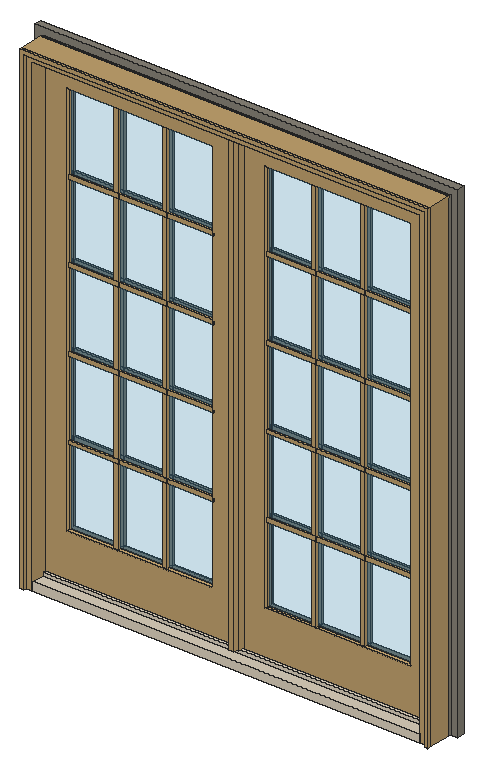
Revit family
Parameters (values of type "CUOFD6070")
  Void Offset = if(and(Casing Visibility, BMC), 0' 1 5/16", if(and(Casing Visibility, Flat Casing), 0' 3", 0' 0"))  # 0' - 1 5/16"
  URL = "www.marvin.com"
  Thickness = 0' - 1 3/4"
  Swing LH_RH = not(Swing Reverse LH_RH)  # yes
  Swing Reverse LH_RH = no
  Sill Material = Fiberglass_Pultrusion-Marvin-Beige
  S_2_R = XX Option 1  # yes
  S_1_R = and(XO_OX Option 2, Swing Reverse LH_RH)  # no
  S_1_L = or(XX Option 1, and(XO_OX Option 2, Swing LH_RH))  # yes
  Rough Width = Width + 0' 1"  # 6' - 1 5/8"
  Rough Height = Height + 0' 0 1/2"  # 7' - 2 1/2"
  Prairie Corner Width = 0' - 4"
  Prairie Corner Height = 0' - 4"
  Plan Swing Angle [instance] = 90.00°
  Panel Width = (Width - 0' 2 1/2") / 2  # 2' - 11 1/16"
  XX Option 1 = Option Choice Constraint = 1  # yes
  XO_OX Option 2 = Option Choice Constraint = 2  # no
  OO Option 3 = Option Choice Constraint = 3  # no
  Note to User = "Enter Option Choice 1-3"  # constant formula
  Option Choice = 1
  Option Choice Constraint = if(Option Choice > 3, 3, if(Option Choice < 1, 1, Option Choice))  # 1
  Nominal Width = 6' - 0"
  Nominal Height = 7' - 0"
  Muntins Interior Visibility = yes
  Muntins Interior Material = Wood-Marvin-Pine
  Muntins Exterior Visibility = yes
  Muntins Exterior Material = Aluminum-Marvin-Bronze
  Model = "CUOFD6070"
  Manufacturer = "Marvin Windows and Doors"
  Lites Wide = 3
  Lites High = 5
  Lite Cut Prairie 9 = no
  Lite Cut HV Grid = not(Lite Cut Prairie 9)  # yes
  Label Visibility = no
  Jamb Extension Visibility = yes
  Interior Material = Wood-Marvin-Pine
  Inset to Installation Flange [instance] = 0' - 1"
  Height = if(Nominal Height = 6' 6", Nominal Height + 0' 1 1/2", if(or(Nominal Height = 6' 8", Nominal Height = 7' 0"), Nominal Height + 0' 2", Nominal Height - 0' 0 1/2"))  # 7' - 2"
  Wall Closure = (empty or 0)
  Width = if(Nominal Height = 6' 6", Nominal Width - 0' 1", Nominal Width + 0' 0 5/8")  # 6' - 0 5/8"
  Glazing Material = Glass-Marvin-IG Low E II with Argon
  Glass Type = "IG Low E II with Argon"
  Function = 1
  Frame = "Aluminum Clad"
  Flat Casing Visibility = and(Casing Visibility, Flat Casing)  # no
  Family created by = "www.rbuiltcomponents.com"
  Door Type = "Clad Ultimate Outswing French Door"
  Design Pressure = "DP40"
  Description = "7284 FR DOOR"
  Daylight Area = DLO Width * DLO Height * 2  # 24.9272 SF
  DLO Width = (Width - 1' 9 7/16") / 2  # 2' - 1 19/32"
  DLO Height = if(Bottom Rail Traditional, Height - 1' 3 7/8", Height - 1' 0 13/32")  # 5' - 10 1/8"
  Cladding Material = Aluminum-Marvin-Bronze
  Casing Width = if(BMC, 0' 1 5/16", 0' 3")  # 0' - 1 5/16"
  Casing Visibility = yes
  Bottom Rail Traditional = not(Bottom Rail Contemporary)  # yes
  Bottom Rail Contemporary = no
  Bottom Rail = if(Bottom Rail Traditional, 0' 9 31/32", 0' 6 1/2")  # 0' - 9 31/32"
  BMC Visibility = and(Casing Visibility, BMC)  # yes
  BMC = yes
  Flat Casing = not(BMC)  # no
  Assembly Code = ""
Reference planes (in)
  plane 1 "Center (Front/Back)": y = 0
  plane 2 "Center (Left/Right)": x = 0
  plane 3 "Left": x = -36.3125
  plane 4 "Right": x = 36.3125
  plane 5 "Top": z = 86
  plane 6 "Exterior": y = 3
  plane 7 "Interior": y = -3
  plane 8 "Inset": y = 2
  plane 9 "Glazing": y = 1.65625
  plane 10: x = -30.375
  plane 11: x = 30.375
  plane 12: z = 80.0625
  plane 13: z = 9.96875
  plane 14 "Jamb Ext Face": y = -2.5625
  plane 15: y = 2.09375
  plane 16: x = -0.0625
  plane 17: x = 0.0625
  plane 18: x = 4.8125
  plane 19: x = -4.8125
  plane 20: x = -17.59375
  plane 21: x = 17.59375
  plane 22 "Void Offset": z = 87.3125
  plane 23 "Casing": z = 87.3125
  plane 24: z = 43
  plane 25: y = -2.59375
Forms (in)
  Sweep 1, solid, material "Aluminum-Marvin-Bronze" <- "Cladding Material"
    path origin (0, 1.65625, 0) x (1, 0, 0) y (0, 0, 1)
      loop
        line (-36.3125, 0) -> (-36.3125, 86) -> (36.3125, 86) -> (36.3125, 0)
    profile "Clad_Frame : Clad_Frame" origin (-36.3125, 1.65625, 43) x (-1, 0, 0) y (0, -1, 0)
      loop
        line (0, -1.43865) -> (0, 0) -> (-1.06374, 0) -> (-1.06374, -0.15859) -> (-0.93767, -0.15859) -> (-0.93767, -0.732) -> (-0.67848, -0.732) -> (-0.67848, -1.43865) -> (0, -1.43865)
  Sweep 2, solid, material "Wood-Marvin-Pine" <- "Interior Material"
    path origin (0, 1.65625, 0) x (1, 0, 0) y (0, 0, 1)
      loop
        line (-36.3125, 0) -> (-36.3125, 86) -> (36.3125, 86) -> (36.3125, 0)
    profile "Int_Frame : Int_Frame" origin (-36.3125, 1.65625, 43) x (-1, 0, 0) y (0, -1, 0)
      loop
        line (0, 0) -> (0, 4.2176) -> (-1.75053, 4.2176) -> (-1.75053, 1.42331) -> (-1.06374, 1.42331) -> (-1.06374, 0) -> (0, 0)
  Sweep 3, solid, material "Fiberglass_Pultrusion-Marvin-Beige" <- "Sill Material"
    path origin (0, 2, 0) x (1, 0, 0) y (0, 0, 1)
      loop
        line (35.63402, 0) -> (-35.63402, 0)
    profile "Sill : Sill" origin (0, 2, 0) x (0, 0, -1) y (0, -1, 0)
      loop
        line (0, 4.56948) -> (-1.57326, 4.56948) -> (-1.32364, 2.19448) -> (-2.005, 2.19448) -> (-2.005, 1.75698) -> (-1.55064, 1.75698) -> (-1.35612, -0.09375) -> (-0.5775, -0.09375) -> (-0.5775, -1.09375) -> (0, -1.09375) -> (0, 4.56948)
  Extrusion 4, solid, material "Wood-Marvin-Pine" <- "Interior Material", visible <- "Jamb Extension Visibility", detail levels medium+fine
    sketch origin (0, -2.5625, 0) x (1, 0, 0) y (0, 0, 1)
      loop
        line (-36.3125, 0) -> (-35.625, 0) -> (-35.625, 85.3125) -> (35.625, 85.3125) -> (35.625, 0) -> (36.3125, 0) -> (36.3125, 86) -> (-36.3125, 86) -> (-36.3125, 0)
    from 0.03125 to 0.4375
  Sweep 5, void
    path in 3D
      loop
        line (-35.63402, -2.56948, 0) -> (-35.63402, -2.56948, 1.57326)
    profile "Sill_Void : Sill_Void" origin (-35.63402, -2.56948, 0.78663) x (0, 1, 0) y (-1, 0, 0)
      loop
        line (0, 0) -> (0, -1.07205) -> (2.79429, -1.07205) -> (2.79429, -0.38526) -> (4.37619, -0.38526) -> (4.37619, -0.25918) -> (4.9496, -0.25918) -> (4.9496, 0) -> (0, 0)
  Sweep 6, void
    path in 3D
      loop
        line (35.63402, -2.56948, 1.57326) -> (35.63402, -2.56948, 0)
    profile "Sill_Void : Sill_Void" origin (35.63402, -2.56948, 0.78663) x (0, 1, 0) y (1, 0, 0)
      loop
        line (0, 0) -> (0, -1.07205) -> (2.79429, -1.07205) -> (2.79429, -0.38526) -> (4.37619, -0.38526) -> (4.37619, -0.25918) -> (4.9496, -0.25918) -> (4.9496, 0) -> (0, 0)
  Extrusion 7, void
    sketch origin (0, 0, 0) x (1, 0, 0) y (0, 1, 0)
      loop
        line (-36.3125, 2) -> (-36.3125, -3) -> (36.3125, -3) -> (36.3125, 2) -> (-36.3125, 2)
    from 86 to 0
  Extrusion 8, void
    sketch origin (0, 0, 0) x (1, 0, 0) y (0, 1, 0)
      loop
        line (-37.625, 3.125) -> (-37.625, 2) -> (37.625, 2) -> (37.625, 3.125) -> (-37.625, 3.125)
    from 87.3125 to 0
  Sweep 9, solid, material "Wood-Marvin-Pine" <- "Interior Material"
    path origin (0, 1.65625, 0) x (1, 0, 0) y (0, 0, 1)
      loop
        line (-0.04688, 2.005) -> (-0.04688, 84.24947)
    profile "Mtg Stile : Mtg Stile" origin (-0.04688, 1.65625, 43.12724) x (-1, 0, 0) y (0, -1, 0)
      loop
        line (0.97168, 1.3124) -> (0.86983, 2.2814) -> (0.68233, 2.2814) -> (0.51486, 2.9064) -> (-0.36451, 2.9064) -> (-0.53198, 2.2814) -> (-0.71948, 2.2814) -> (-0.82132, 1.3124) -> (0.97168, 1.3124)
Cuts and joins
  Sweep 5, Sweep 6 cuts Sweep 3
Lines and regions (in)
  Masking region 1
    outline origin (0, 0, 0) x (0, 1, 0) y (0, 0, 1)
      loop
        line (3.0949, 86) -> (-2.5625, 86) -> (-2.5625, 0) -> (3.0949, 0) -> (3.0949, 86)
  Masking region 2, visible <- "Jamb Extension Visibility"
    outline origin (0, 0, 0) x (1, 0, 0) y (0, 1, 0)
      loop
        line (35.625, -3) -> (36.3125, -3) -> (36.3125, -2.59375) -> (35.625, -2.59375) -> (35.625, -3)
  Masking region 3, visible <- "Jamb Extension Visibility"
    outline origin (0, 0, 0) x (0, 1, 0) y (-1, 0, 0)
      loop
        line (-3, 35.625) -> (-2.59375, 35.625) -> (-2.59375, 36.3125) -> (-3, 36.3125) -> (-3, 35.625)
  Masking region 4, visible <- "Jamb Extension Visibility"
    outline origin (0, 0, 0) x (0, 1, 0) y (0, 0, 1)
      loop
        line (-2.59375, 86) -> (-3, 86) -> (-3, 0) -> (-2.59375, 0) -> (-2.59375, 86)
  symbolic lines, style "DoorsFrameMullionProjection", visible <- "Jamb Extension Visibility", detail levels coarse+medium
    curve 1: line (-36.3125, -3, 0) -> (-35.625, -3, 0)
    curve 2: line (-35.625, -3, 0) -> (-35.625, -2.59375, 0)
    curve 3: line (36.3125, -3, 0) -> (35.625, -3, 0)
    curve 4: line (35.625, -3, 0) -> (35.625, -2.59375, 0)
    curve 7: line (0, -2.59375, 85.3125) -> (0, -3, 85.3125)
    curve 8: line (0, -3, 85.3125) -> (0, -3, 86)
  symbolic lines, style "Jamb Extension", visible <- "Jamb Extension Visibility", detail levels fine
    curve 5: line (0, -2.59375, 85.3125) -> (0, -3, 85.3125)
    curve 6: line (0, -3, 85.3125) -> (0, -3, 86)
  symbolic lines, style "DoorsFrameMullionProjection", detail levels coarse+medium
    curve 9: line (0, 3.0949, 86) -> (0, 3.0949, 84.93626)
    curve 10: line (0, 3.0949, 84.93626) -> (0, -2.5625, 84.93626)
    curve 11: line (0, -2.5625, 84.93626) -> (0, -2.5625, 86)
    curve 20: line (0, 2.09375, 80.0625) -> (0, 2.09375, 9.96875)
    curve 21: line (0, 0.3426, 80.0625) -> (0, 0.3426, 9.96875)
    curve 24: line (0, 3.09375, 0.5775) -> (0, 2.09375, 0.5775)
    curve 25: line (0, 2.09375, 1.375) -> (0, 2.09375, 0.5775)
    curve 26: line (0, 2.09375, 1.375) -> (0, -2.5625, 1.375)
    curve 27: line (0, -2.5625, 0) -> (0, -2.5625, 1.375)
    curve 28: line (0, 3.09375, 0) -> (0, 3.09375, 0.5775)
    curve 29: line (0, 3.09375, 0) -> (0, -2.5625, 0)
    curve 32: line (36.3125, -2.59375, 0) -> (36.3125, -3, 0)
    curve 33: line (-36.3125, -2.59375, 0) -> (-36.3125, -3, 0)
    curve 34: line (0, 3.0949, 86) -> (0, -3, 86)
  symbolic lines, style "DoorsPanelProjection", detail levels coarse+medium
    curve 12: line (0, 2.09375, 80.0625) -> (0, 2.09375, 84.93626)
    curve 13: line (0, 0.3426, 80.0625) -> (0, 2.09375, 80.0625)
    curve 14: line (0, 0.3426, 84.93626) -> (0, 0.3426, 80.0625)
    curve 15: line (0, 2.09375, 9.96875) -> (0, 0.3426, 9.96875)
    curve 16: line (0, 2.09375, 1.625) -> (0, 2.09375, 9.96875)
    curve 17: line (0, 0.3426, 1.625) -> (0, 2.09375, 1.625)
    curve 18: line (0, 0.3426, 9.96875) -> (0, 0.3426, 1.625)
  symbolic lines, style "DoorsGlassProjection", detail levels coarse+medium
    curve 19: line (0, 1.21875, 9.96875) -> (0, 1.21875, 80.0625)
  symbolic lines, style "Elevation Swing", visible <- "S_1_L"
    curve 22: line (0.0625, 1.65625, 1.56506) -> (35.10766, 1.65625, 42.97954)
    curve 23: line (35.10766, 1.65625, 42.97954) -> (0.0625, 1.65625, 84.88707)
  symbolic lines, style "Elevation Swing", visible <- "S_2_R"
    curve 30: line (-0.0625, 1.65625, 1.625) -> (-35.125, 1.65625, 43)
    curve 31: line (-35.125, 1.65625, 43) -> (-0.0625, 1.65625, 84.8125)
  sketch lines
    curve 35: line (-35.63402, -2.56948, 0) -> (-35.63402, -2.56948, 1.57326)
    curve 36: line (35.63402, -2.56948, 1.57326) -> (35.63402, -2.56948, 0)
  symbolic lines, style "Elevation Swing", visible <- "S_1_R"
    curve 37: line (35.125, 1.65625, 1.625) -> (0.0625, 1.65625, 43)
    curve 38: line (0.0625, 1.65625, 43) -> (35.125, 1.65625, 84.8125)
Text (in)
  text "Exterior" at (-74.96733, 27.31104, 0), in view "Ref. Level"
  text "Interior" at (-74.96733, -25.14366, 0), in view "Ref. Level"
  text "Exterior" at (0, 40.15149, 123.01588), in view "Right"
  text "Interior" at (0, -64.39139, 123.01588), in view "Right"
  text "Interior" at (0, -31.01599, 123.00693), in view "Left"
  text "Exterior" at (0, 54.57065, 123.00693), in view "Left"
Dimensions and locks (in)
  equal spacing: plane 3 "Left", plane 2 "Center (Left/Right)", plane 4 "Right"
  "Height": level to plane 5 "Top"
  "Width": plane 3 "Left" to plane 4 "Right"
  locked: plane 11 to plane 4 "Right" at 5.9375
  locked: plane 3 "Left" to plane 10 at 5.9375
  locked: plane 12 to plane 5 "Top" at 5.9375
  "Bottom Rail": level to plane 13
  locked: Extrusion 4 sketch curve to plane 4 "Right" at 0.6875
  locked: plane 3 "Left" to Extrusion 4 sketch curve at 0.6875
  locked: plane 5 "Top" to Extrusion 4 sketch curve at 0.6875
  locked: nested 3 to plane 9 "Glazing" at 0.8125
  "Inset to Installation Flange": host wall to plane 8 "Inset"
  locked: plane 9 "Glazing" to plane 8 "Inset" at 0.34375
  locked: plane 14 "Jamb Ext Face" to plane 8 "Inset" at 4.5625
  locked: plane 8 "Inset" to plane 15 at 0.09375
  locked: nested 5 to host wall at 12
  plane 16 to plane 2 "Center (Left/Right)" to plane 17 = 0' - 0 1/16", 0' - 0 1/16"
  locked: plane 18 to plane 17 at 4.75
  locked: plane 16 to plane 19 at 4.75
  equal spacing: plane 19, plane 20, plane 10
  equal spacing: plane 18, plane 21, plane 11
  locked: curve 26 to level at 1.375
  locked: Extrusion 8 sketch curve to host wall at 0.125
  "Void Offset": Extrusion 8 sketch curve to plane 3 "Left"
  "Void Offset": plane 4 "Right" to Extrusion 8 sketch curve
  "Void Offset": plane 5 "Top" to plane 22 "Void Offset"
  "Casing Width": plane 5 "Top" to plane 23 "Casing"
  equal spacing: level, plane 24, plane 5 "Top"
  locked: plane 25 to plane 14 "Jamb Ext Face" at 0.03125
  locked: Sweep 9 sketch curve to plane 19 at 4.76562
  aligned and locked: plane 6 "Exterior" to host wall
  aligned and locked: plane 7 "Interior" to host wall
  aligned and locked: plane 3 "Left" to Sweep 1 sketch curve
  aligned and locked: level to Sweep 1 sketch curve  (x2)
  aligned and locked: Sweep 1 sketch curve to plane 5 "Top"
  aligned and locked: Sweep 1 sketch curve to plane 4 "Right"
  aligned and locked: plane 3 "Left" to Sweep 2 sketch curve
  aligned and locked: level to Sweep 2 sketch curve  (x2)
  aligned and locked: Sweep 2 sketch curve to plane 5 "Top"
  aligned and locked: Sweep 2 sketch curve to plane 4 "Right"
  aligned and locked: level to nested 1
  aligned and locked: nested 1 to plane 8 "Inset"
  aligned and locked: Sweep 3 sketch curve to level
  aligned and locked: Extrusion 4 sketch curve to plane 3 "Left"
  aligned and locked: plane 5 "Top" to Extrusion 4 sketch curve
  aligned and locked: plane 4 "Right" to Extrusion 4 sketch curve
  aligned and locked: level to Extrusion 4 sketch curve  (x2)
  aligned and locked: Sweep 1 to Extrusion 4 sketch curve
  aligned and locked: host wall to Extrusion 4
  aligned and locked: plane 9 "Glazing" to nested 2
  aligned and locked: plane 12 to nested 2
  aligned and locked: nested 3 to plane 12
  aligned and locked: curve 1 to Extrusion 4
  aligned and locked: plane 4 "Right" to curve 3
  aligned and locked: curve 4 to Extrusion 4
  aligned and locked: curve 3 to Extrusion 4
  aligned and locked: Extrusion 4 to curve 5
  aligned and locked: Extrusion 4 to curve 6
  aligned and locked: plane 5 "Top" to curve 8
  aligned and locked: Extrusion 4 to curve 7
  aligned and locked: plane 5 "Top" to curve 11
  aligned and locked: plane 14 "Jamb Ext Face" to curve 11
  aligned and locked: curve 9 to Sweep 1
  aligned and locked: curve 10 to Sweep 2
  aligned and locked: curve 13 to plane 12
  aligned and locked: curve 15 to plane 13
  aligned and locked: curve 13 to curve 19
  aligned and locked: curve 15 to curve 19
  aligned and locked: plane 5 "Top" to Masking region 1 sketch curve
  aligned and locked: level to Masking region 1 sketch curve
  aligned and locked: Masking region 1 sketch curve to Sweep 1
  aligned and locked: plane 8 "Inset" to nested 4
  aligned and locked: plane 2 "Center (Left/Right)" to nested 5
  aligned and locked: nested 4 to plane 4 "Right"
  aligned and locked: Sweep 3 sketch curve to Sweep 1
  aligned and locked: Sweep 1 to Sweep 3 sketch curve
  aligned and locked: plane 21 to nested 2
  aligned and locked: nested 3 to plane 21
  aligned and locked: nested 6 to plane 20
  aligned and locked: nested 6 to plane 12
  aligned and locked: plane 20 to nested 7
  aligned and locked: plane 12 to nested 7
  aligned and locked: nested 6 to plane 9 "Glazing"
  aligned and locked: nested 3 to nested 7
  aligned and locked: nested 4 to curve 32
  aligned and locked: curve 25 to cut or joined group of Sweep 3, Sweep 5, Sweep 6
  aligned and locked: curve 24 to cut or joined group of Sweep 3, Sweep 5, Sweep 6
  aligned and locked: plane 14 "Jamb Ext Face" to curve 27
  aligned and locked: Extrusion 7 sketch curve to host wall
  aligned and locked: Extrusion 7 sketch curve to plane 3 "Left"
  aligned and locked: plane 4 "Right" to Extrusion 7 sketch curve
  aligned and locked: plane 8 "Inset" to Extrusion 7 sketch curve
  aligned and locked: Extrusion 8 sketch curve to plane 8 "Inset"
  aligned and locked: Extrusion 8 to plane 22 "Void Offset"
  aligned and locked: Extrusion 8 to level
  aligned and locked: Extrusion 7 to plane 5 "Top"
  aligned and locked: Extrusion 7 to level
  aligned and locked: plane 2 "Center (Left/Right)" to nested 8
  aligned and locked: plane 8 "Inset" to nested 8
  aligned and locked: level to nested 8
  aligned and locked: host wall to Masking region 2 sketch curve
  aligned and locked: Masking region 2 sketch curve to plane 4 "Right"
  aligned and locked: Masking region 2 sketch curve to Extrusion 4
  aligned and locked: Masking region 3 sketch curve to host wall
  aligned and locked: Masking region 3 sketch curve to plane 3 "Left"
  aligned and locked: Masking region 3 sketch curve to Extrusion 4
  aligned and locked: curve 2 to Extrusion 4
  aligned and locked: plane 24 to curve 30
  aligned and locked: plane 24 to curve 37
  aligned and locked: Extrusion 4 to plane 25
  aligned and locked: plane 25 to Masking region 3 sketch curve
  aligned and locked: plane 25 to curve 2
  aligned and locked: plane 25 to curve 33
  aligned and locked: Masking region 2 sketch curve to plane 25
  aligned and locked: plane 25 to curve 4
  aligned and locked: plane 25 to curve 32
  aligned and locked: plane 25 to curve 7
  aligned and locked: plane 25 to curve 5
  aligned and locked: Masking region 1 sketch curve to plane 14 "Jamb Ext Face"
  aligned and locked: plane 5 "Top" to Masking region 4 sketch curve
  aligned and locked: level to Masking region 4 sketch curve
  aligned and locked: plane 25 to Masking region 4 sketch curve
  aligned and locked: Masking region 4 sketch curve to host wall
  aligned and locked: curve 28 to nested 1
  aligned and locked: plane 20 to nested 9
  aligned and locked: nested 9 to plane 12
  aligned and locked: nested 10 to plane 21
  aligned and locked: plane 12 to nested 10
  aligned and locked: plane 9 "Glazing" to nested 9
  aligned and locked: nested 10 to plane 9 "Glazing"
  aligned and locked: Sweep 2 to Sweep 9 sketch curve
  aligned and locked: Sweep 9 sketch curve to cut or joined group of Sweep 3, Sweep 5, Sweep 6
  aligned and locked: curve 14 to nested 1
Automatic sketch dimensions
  curve 37 to plane 17 = 0' - 0"
  curve 31 to plane 3 "Left" = 0' - 1 3/16"
  curve 23 to plane 24 = 0' - 0.02046"
  plane 4 "Right" to curve 23 = 0' - 1.20484"
  plane 4 "Right" to curve 37 = 0' - 1 3/16"
  level to curve 37 = 0' - 1 5/8"
  level to curve 30 = 0' - 1 5/8"
  curve 22 to curve 30 = 0' - 0.05994"
  plane 5 "Top" to curve 38 = 0' - 1 3/16"
  plane 5 "Top" to curve 31 = 0' - 1 3/16"
  curve 31 to curve 23 = 0' - 0.07457"
  curve 29 to level = 0' - 0"
  plane 9 "Glazing" to curve 19 = 0' - 0 7/16"
  curve 1 to plane 3 "Left" = 0' - 0"
  curve 16 to plane 15 = 0' - 0"
  curve 23 to plane 17 = 0' - 0"
  curve 22 to plane 17 = 0' - 0"
  plane 4 "Right" to curve 38 = 0' - 1 3/16"
  curve 25 to curve 17 = 0' - 0 1/4"
  curve 30 to plane 16 = 0' - 0"
  curve 31 to plane 16 = 0' - 0"
Nested families (in)
  nested 1: "Door_Section_Detail" at (0, 2, 0) x (0, -1, 0) z (1, 0, 0), type "Door_Section_Detail", detail levels fine
  nested 2: "Muntins" at (17.59375, 1.65625, -26.0625), visible <- "Muntins Exterior Visibility", Muntin Material <- "Muntins Exterior Material", type "Muntins"
    with Muntin Material Aluminum-Marvin-Bronze, GlazingWidth 2' - 1 19/32", GlazingHeight 5' - 10 1/8", Width 2' - 2 1/32", LitesVertical 5, HorizontalMuntins 4, Height 5' - 10 9/16", Inset Vert 0' - 8.30208", Inset Horiz 1' - 1.7375"
  nested 3: "Muntins" at (17.59375, 0.84375, -26.0625), Muntin Material <- "Muntins Interior Material", visible <- "Muntins Interior Visibility", type "Muntins"
    with Muntin Material Wood-Marvin-Pine, GlazingWidth 2' - 1 19/32", GlazingHeight 5' - 10 1/8", Width 2' - 2 1/32", LitesVertical 5, HorizontalMuntins 4, Height 5' - 10 9/16", Inset Vert 0' - 8.30208", Inset Horiz 1' - 1.7375"
  nested 4: "Door_Plan_Detail" at (54.25, 2, 0), type "Door_Plan_Detail"
  nested 5: "Label Annotation 1-16 w5" at (0, 15, 0), visible <- "Label Visibility", type "Label Annotation 1-16 w5"
  nested 6: "Muntins" at (-17.59375, 1.65625, -26.0625) x (-1, 0, 0) z (0, 0, 1), visible <- "Muntins Exterior Visibility", Muntin Material <- "Muntins Exterior Material", type "Muntins"
    with Muntin Material Aluminum-Marvin-Bronze, GlazingWidth 2' - 1 19/32", GlazingHeight 5' - 10 1/8", Width 2' - 2 1/32", LitesVertical 5, HorizontalMuntins 4, Height 5' - 10 9/16", Inset Vert 0' - 8.30208", Inset Horiz 1' - 1.7375"
  nested 7: "Muntins" at (-17.59375, 0.84375, -26.0625) x (-1, 0, 0) z (0, 0, 1), Muntin Material <- "Muntins Interior Material", visible <- "Muntins Interior Visibility", type "Muntins"
    with Muntin Material Wood-Marvin-Pine, GlazingWidth 2' - 1 19/32", GlazingHeight 5' - 10 1/8", Width 2' - 2 1/32", LitesVertical 5, HorizontalMuntins 4, Height 5' - 10 9/16", Inset Vert 0' - 8.30208", Inset Horiz 1' - 1.7375"
  nested 8: "Casing_Clad" at (0, 2, 0), visible <- "Casing Visibility", type "Casing_Clad"
    with Width 6' - 0 5/8", Height 7' - 2"
  nested 9: "Panel" at (-17.59375, 1.65625, 1.84375), type "Panel"
    with Width 2' - 11 3/32", Height 6' - 10 31/32", DLO Width 2' - 1 19/32", DLO Height 5' - 10 1/8"
  nested 10: "Panel" at (17.59375, 1.65625, 1.84375) x (-1, 0, 0) z (0, 0, 1), type "Panel"
    with Width 2' - 11 3/32", Height 6' - 10 31/32", DLO Width 2' - 1 19/32", DLO Height 5' - 10 1/8"
Definition of nested family "Muntins"
  Parameters (values of type "Muntins")
    PrairieMuntVisible = no
    Prairie Corner Width = 0' - 4"
    Prairie Corner Height = 0' - 4"
    Muntin Extension = 0' - 0 7/16"
    GridMuntVisible = yes
    GlazingWidth = 2' - 0"
    GlazingHeight = 2' - 11 1/8"
    Width = GlazingWidth + Muntin Extension  # 2' - 0 7/16"
    VerticalMuntins = if(LitesHorizontal < 3, 2, LitesHorizontal - 1)  # 2
    VertMuntVisible = and(GridMuntVisible, LitesHorizontal > 2)  # yes
    MuntinWidth = 0' - 0 3/4"
    MuntinDepth [instance] = 0' - 0 3/8"
    Muntin Material [instance] = none
    LitesVertical = 3
    LitesHorizontal = 3
    HorizontalMuntins = if(LitesVertical < 3, 2, LitesVertical - 1)  # 2
    HorizMuntVisible = and(GridMuntVisible, LitesVertical > 2)  # yes
    Height = GlazingHeight + Muntin Extension  # 2' - 11 9/16"
    Inset Vert = if(LitesHorizontal < 3, (Width / 3) - (MuntinWidth / 2), (Width / LitesHorizontal) - (MuntinWidth / 2))  # 0' - 7.77083"
    Inset Horiz = if(LitesVertical < 3, (Height / 3) - (MuntinWidth / 2), (Height / LitesVertical) - (MuntinWidth / 2))  # 0' - 11.47917"
    CenterMuntinVertical = and(GridMuntVisible, LitesHorizontal = 2)  # no
    CenterMuntinHorizontal = and(GridMuntVisible, LitesVertical = 2)  # no
    Assembly Code = ""
  Reference planes (in)
    plane 1 "Center (Front/Back)": y = 0
    plane 2: z = 0
    plane 3 "Center (Left/Right)": x = 0
    plane 4: z = 35.78125
    plane 5: z = 53.5625
    plane 6: z = 71.34375
    plane 7: z = 59.86458
    plane 8: z = 47.26042
    plane 9: z = 71.125
    plane 10: z = 36
    plane 11: x = -12
    plane 12: x = 12
    plane 13: x = -4.44792
    plane 14: x = -12.21875
    plane 15: x = 12.21875
    plane 16: x = 4.44792
    plane 17: z = 67.125
    plane 18: z = 40
    plane 19: x = -8
    plane 20: x = 8
  Forms (in)
    Extrusion 1, solid, material <- "Muntin Material", visible <- "CenterMuntinVertical", detail levels medium+fine
      sketch origin (9, 0, 0) x (1, 0, 0) y (0, 0, 1)
        loop
          line (-9.375, 71.34375) -> (-9.375, 35.78125) -> (-8.625, 35.78125) -> (-8.625, 71.34375) -> (-9.375, 71.34375)
      from 0 to 0.375 <- "MuntinDepth"
    Extrusion 2, solid, material <- "Muntin Material", visible <- "CenterMuntinHorizontal", detail levels medium+fine
      sketch origin (-0.0013, 0, 14.6875) x (1, 0, 0) y (0, 0, 1)
        loop
          line (-12.21745, 39.25) -> (-12.21745, 38.5) -> (12.22005, 38.5) -> (12.22005, 39.25) -> (-12.21745, 39.25)
      from 0 to 0.375 <- "MuntinDepth"
    Extrusion 3, solid, material <- "Muntin Material", visible <- "VertMuntVisible", detail levels medium+fine
      sketch origin (4.92708, 0, -2.90625) x (1, 0, 0) y (0, 0, 1)
        loop
          line (-9.375, 74.25) -> (-9.375, 38.6875) -> (-8.625, 38.6875) -> (-8.625, 74.25) -> (-9.375, 74.25)
      from 0 to 0.375 <- "MuntinDepth"
    Extrusion 4, solid, material <- "Muntin Material", visible <- "HorizMuntVisible", detail levels medium+fine
      sketch origin (-3.09635, 0, 14.17708) x (1, 0, 0) y (0, 0, 1)
        loop
          line (-9.1224, 45.6875) -> (-9.1224, 44.9375) -> (15.3151, 44.9375) -> (15.3151, 45.6875) -> (-9.1224, 45.6875)
      from 0 to 0.375 <- "MuntinDepth"
    Extrusion 5, solid, material <- "Muntin Material", visible <- "HorizMuntVisible", detail levels medium+fine
      sketch origin (-3.09635, 0, 2.32292) x (1, 0, 0) y (0, 0, 1)
        loop
          line (-9.1224, 45.6875) -> (-9.1224, 44.9375) -> (15.3151, 44.9375) -> (15.3151, 45.6875) -> (-9.1224, 45.6875)
      from 0 to 0.375 <- "MuntinDepth"
    Extrusion 6, solid, material <- "Muntin Material", visible <- "VertMuntVisible", detail levels medium+fine
      sketch origin (13.07292, 0, -2.90625) x (1, 0, 0) y (0, 0, 1)
        loop
          line (-9.375, 74.25) -> (-9.375, 38.6875) -> (-8.625, 38.6875) -> (-8.625, 74.25) -> (-9.375, 74.25)
      from 0 to 0.375 <- "MuntinDepth"
    Extrusion 7, solid, material <- "Muntin Material", visible <- "PrairieMuntVisible", detail levels medium+fine
      sketch origin (1, 0, 0) x (1, 0, 0) y (0, 0, 1)
        loop
          line (-9, 71.34375) -> (-9, 35.78125) -> (-8.25, 35.78125) -> (-8.25, 71.34375) -> (-9, 71.34375)
      from 0 to 0.375 <- "MuntinDepth"
    Extrusion 8, solid, material <- "Muntin Material", visible <- "PrairieMuntVisible", detail levels medium+fine
      sketch origin (17, 0, 0) x (1, 0, 0) y (0, 0, 1)
        loop
          line (-9.75, 71.34375) -> (-9.75, 35.78125) -> (-9, 35.78125) -> (-9, 71.34375) -> (-9.75, 71.34375)
      from 0 to 0.375 <- "MuntinDepth"
    Extrusion 9, solid, material <- "Muntin Material", visible <- "PrairieMuntVisible", detail levels medium+fine
      sketch origin (-0.0013, 0, 28.25) x (1, 0, 0) y (0, 0, 1)
        loop
          line (-12.21745, 38.875) -> (-12.21745, 38.125) -> (12.22005, 38.125) -> (12.22005, 38.875) -> (-12.21745, 38.875)
      from 0 to 0.375 <- "MuntinDepth"
    Extrusion 10, solid, material <- "Muntin Material", visible <- "PrairieMuntVisible", detail levels medium+fine
      sketch origin (-0.0013, 0, 1.125) x (1, 0, 0) y (0, 0, 1)
        loop
          line (-12.21745, 39.625) -> (-12.21745, 38.875) -> (12.22005, 38.875) -> (12.22005, 39.625) -> (-12.21745, 39.625)
      from 0 to 0.375 <- "MuntinDepth"
  Cuts and joins
    joined: Extrusion 7, Extrusion 8, Extrusion 9, Extrusion 10
  Lines and regions (in)
    model lines, style "Muntins", visible <- "CenterMuntinHorizontal", detail levels coarse
      curve 1: line (-12.21875, 0, 53.5625) -> (12.21875, 0, 53.5625)
    model lines, style "Muntins", visible <- "HorizMuntVisible", detail levels coarse
      curve 2: line (-12.21875, 0, 59.48958) -> (12.21875, 0, 59.48958)
      curve 3: line (-12.21875, 0, 47.63542) -> (12.21875, 0, 47.63542)
    model lines, style "Muntins", visible <- "CenterMuntinVertical", detail levels coarse
      curve 4: line (0, 0, 71.34375) -> (0, 0, 35.78125)
    model lines, style "Muntins", visible <- "VertMuntVisible", detail levels coarse
      curve 5: line (-4.07292, 0, 71.34375) -> (-4.07292, 0, 35.78125)
      curve 6: line (4.07292, 0, 71.34375) -> (4.07292, 0, 35.78125)
    model lines, style "Muntins", visible <- "PrairieMuntVisible", detail levels coarse
      curve 7: line (-12.21875, 0, 66.75) -> (12.21875, 0, 66.75)
      curve 8: line (-12.21875, 0, 40.375) -> (12.21875, 0, 40.375)
      curve 9: line (-7.625, 0, 35.78125) -> (-7.625, 0, 71.34375)
      curve 10: line (7.625, 0, 35.78125) -> (7.625, 0, 71.34375)
  Dimensions and locks (in)
    "Inset Horiz": plane 6 to plane 7
    "Inset Horiz": plane 8 to plane 4
    equal spacing: plane 6, plane 5, plane 4
    "Height": plane 6 to plane 4
    "GlazingHeight": plane 9 to plane 10
    equal spacing: plane 9, plane 5, plane 10
    "GlazingWidth": plane 12 to plane 11
    equal spacing: plane 12, plane 3 "Center (Left/Right)", plane 11
    "MuntinWidth": Extrusion 1 sketch curve to Extrusion 1 sketch curve
    "Height": Extrusion 1 sketch curve to Extrusion 1 sketch curve
    "MuntinWidth": Extrusion 2 sketch curve to Extrusion 2 sketch curve
    "Width": Extrusion 2 sketch curve to Extrusion 2 sketch curve
    "MuntinWidth": Extrusion 3 sketch curve to Extrusion 3 sketch curve
    "Height": Extrusion 3 sketch curve to Extrusion 3 sketch curve
    "Width": plane 15 to plane 14
    equal spacing: plane 15, plane 3 "Center (Left/Right)", plane 14
    "Inset Vert": plane 13 to plane 14
    "Inset Vert": plane 15 to plane 16
    "MuntinWidth": Extrusion 4 sketch curve to Extrusion 4 sketch curve
    "Width": Extrusion 4 sketch curve to Extrusion 4 sketch curve
    "MuntinWidth": Extrusion 5 sketch curve to Extrusion 5 sketch curve
    "Width": Extrusion 5 sketch curve to Extrusion 5 sketch curve
    group 2 to group 3 = 0' - 0"  (x2)
    group 3 to group 2 = 0' - 11.85417"
    "MuntinWidth": Extrusion 6 sketch curve to Extrusion 6 sketch curve
    "Height": Extrusion 6 sketch curve to Extrusion 6 sketch curve
    group 4 to group 5 = 0' - 8.14583"
    group 4 to group 5 = 0' - 0"  (x2)
    "Prairie Corner Width": plane 19 to plane 11
    "Prairie Corner Width": plane 20 to plane 12
    "Prairie Corner Height": plane 9 to plane 17
    "Prairie Corner Height": plane 18 to plane 10
    "MuntinWidth": Extrusion 7 sketch curve to Extrusion 7 sketch curve
    "Height": Extrusion 7 sketch curve to Extrusion 7 sketch curve
    "MuntinWidth": Extrusion 8 sketch curve to Extrusion 8 sketch curve
    "Height": Extrusion 8 sketch curve to Extrusion 8 sketch curve
    "MuntinWidth": Extrusion 9 sketch curve to Extrusion 9 sketch curve
    "Width": Extrusion 9 sketch curve to Extrusion 9 sketch curve
    "MuntinWidth": Extrusion 10 sketch curve to Extrusion 10 sketch curve
    "Width": Extrusion 10 sketch curve to Extrusion 10 sketch curve
    aligned and locked: plane 6 to Extrusion 1  (x2)
    aligned and locked: Extrusion 1 to plane 4  (x3)
    aligned and locked: Extrusion 3 to plane 13  (x5)
    aligned and locked: Extrusion 3 to plane 4  (x3)
    aligned and locked: Extrusion 2 to plane 14
    aligned and locked: plane 15 to Extrusion 2
    aligned and locked: plane 6 to Extrusion 3
    aligned and locked: plane 7 to Extrusion 4
    aligned and locked: Extrusion 4 to plane 14
    aligned and locked: plane 15 to Extrusion 4
    aligned and locked: curve 1 to plane 5
    aligned and locked: plane 14 to curve 1
    aligned and locked: plane 15 to curve 1
    aligned and locked: Extrusion 5 to plane 14
    aligned and locked: Extrusion 5 to plane 8
    aligned and locked: plane 15 to Extrusion 5
    aligned and locked: Extrusion 5 to curve 3  (x2)
    aligned and locked: Extrusion 4 to curve 2  (x2)
    aligned and locked: curve 4 to plane 3 "Center (Left/Right)"
    aligned and locked: Extrusion 1 to curve 4  (x2)
    aligned and locked: Extrusion 3 to curve 5  (x2)
    aligned and locked: Extrusion 6 to curve 6  (x2)
    aligned and locked: Extrusion 6 to plane 16
    aligned and locked: plane 6 to Extrusion 6
    aligned and locked: plane 6 to curve 6
    aligned and locked: Extrusion 6 to plane 4
    aligned and locked: plane 4 to curve 6
    aligned and locked: cut or joined group of Extrusion 7, Extrusion 8, Extrusion 9, Extrusion 10 to plane 19
    aligned and locked: plane 20 to cut or joined group of Extrusion 7, Extrusion 8, Extrusion 9, Extrusion 10
    aligned and locked: plane 17 to cut or joined group of Extrusion 7, Extrusion 8, Extrusion 9, Extrusion 10
    aligned and locked: cut or joined group of Extrusion 7, Extrusion 8, Extrusion 9, Extrusion 10 to plane 18
    aligned and locked: cut or joined group of Extrusion 7, Extrusion 8, Extrusion 9, Extrusion 10 to curve 7  (x2)
    aligned and locked: cut or joined group of Extrusion 7, Extrusion 8, Extrusion 9, Extrusion 10 to curve 8  (x2)
    aligned and locked: cut or joined group of Extrusion 7, Extrusion 8, Extrusion 9, Extrusion 10 to curve 9  (x2)
    aligned and locked: cut or joined group of Extrusion 7, Extrusion 8, Extrusion 9, Extrusion 10 to curve 10  (x2)
  Automatic sketch dimensions
    Extrusion 1 sketch curve to plane 4 = 0' - 0"
    Extrusion 1 sketch curve to plane 3 "Center (Left/Right)" = 0' - 0 3/8"
    Extrusion 2 sketch curve to plane 14 = 0' - 0"
    Extrusion 2 sketch curve to plane 5 = 0' - 0 3/8"
    Extrusion 7 sketch curve to plane 4 = 0' - 0"
    Extrusion 7 sketch curve to plane 19 = 0' - 0"
    Extrusion 8 sketch curve to plane 4 = 0' - 0"
    Extrusion 8 sketch curve to plane 20 = 0' - 0 3/4"
    Extrusion 9 sketch curve to plane 14 = 0' - 0"
    Extrusion 9 sketch curve to plane 17 = 0' - 0 3/4"
    Extrusion 10 sketch curve to plane 14 = 0' - 0"
    Extrusion 10 sketch curve to plane 18 = 0' - 0"
    plane 19 to curve 9 = 0' - 0 3/8"
    curve 10 to plane 20 = 0' - 0 3/8"
    plane 18 to curve 8 = 0' - 0 3/8"
    curve 7 to plane 17 = 0' - 0 3/8"
Definition of nested family "Casing_Clad"
  Parameters (values of type "Casing_Clad")
    Width = 16' - 0"
    Height = 12' - 0"
    Flat Casing Visibility = no
    Cladding Finish = Aluminum-Marvin-Bronze
    BMC Visibility = yes
    Assembly Code = ""
  Reference planes (in)
    plane 1 "Center (Front/Back)": y = 0
    plane 2: z = 0
    plane 3 "Center (Left/Right)": x = 0
    plane 4: z = 144
    plane 5: x = -96
    plane 6: x = 96
  Forms (in)
    Sweep 1, solid, material "Aluminum-Marvin-Bronze" <- "Cladding Finish", visible <- "BMC Visibility"
      path origin (0, 0, 0) x (1, 0, 0) y (0, 0, 1)
        loop
          line (-96, 0) -> (-96, 144) -> (96, 144) -> (96, 0)
      profile "BMC_Clad : BMC_Clad" origin (96, 0, 72) x (1, 0, 0) y (0, -1, 0)
        loop
          line (0.71589, -1.25) -> (1.3125, -1.25) -> (1.3125, 0) -> (0, 0) -> (0, -1.09375) -> (0.38081, -1.09375) -> (0.71589, -1.25)
    Sweep 2, solid, material "Aluminum-Marvin-Bronze" <- "Cladding Finish", visible <- "Flat Casing Visibility"
      path origin (0, 0, 0) x (1, 0, 0) y (0, 0, 1)
        loop
          line (-96, 0) -> (-96, 144) -> (96, 144) -> (96, 0)
      profile "Flat_Casing_Clad : Flat_Casing_Clad" origin (96, 0, 72) x (1, 0, 0) y (0, -1, 0)
        loop
          line (3, -1.09375) -> (3, 0) -> (0, 0) -> (0, -1.09375) -> (3, -1.09375)
  Lines and regions (in)
    Masking region 1, visible <- "Flat Casing Visibility"
      outline origin (0, 0, 0) x (1, 0, 0) y (0, 1, 0)
        loop
          line (-96, 0) -> (-96, 1.09375) -> (-99, 1.09375) -> (-99, 0) -> (-96, 0)
    Masking region 2, visible <- "Flat Casing Visibility"
      outline origin (0, 0, 0) x (0, 1, 0) y (-1, 0, 0)
        loop
          line (0, -96) -> (0, -99) -> (1.09375, -99) -> (1.09375, -96) -> (0, -96)
    Masking region 3, visible <- "BMC Visibility"
      outline origin (0, 0, 0) x (1, 0, 0) y (0, 1, 0)
        loop
          line (96, 1.09375) -> (96, 0) -> (97.3125, 0) -> (97.3125, 1.25) -> (96.71589, 1.25) -> (96.38081, 1.09375) -> (96, 1.09375)
    Masking region 4, visible <- "BMC Visibility"
      outline origin (0, 0, 0) x (0, 1, 0) y (-1, 0, 0)
        loop
          line (1.09375, 96) -> (1.09375, 96.38081) -> (1.25, 96.71589) -> (1.25, 97.3125) -> (0, 97.3125) -> (0, 96) -> (1.09375, 96)
    Masking region 5, visible <- "Flat Casing Visibility"
      outline origin (0, 0, 0) x (0, 1, 0) y (0, 0, 1)
        loop
          line (1.09375, 147) -> (0, 147) -> (0, 144) -> (1.09375, 144) -> (1.09375, 147)
    Masking region 6, visible <- "BMC Visibility"
      outline origin (0, 0, 0) x (0, 1, 0) y (0, 0, 1)
        loop
          line (1.25, 145.3125) -> (0, 145.3125) -> (0, 144) -> (1.09375, 144) -> (1.09375, 144.38081) -> (1.25, 144.71589) -> (1.25, 145.3125)
    symbolic lines, style "Frame/Mullion", visible <- "Flat Casing Visibility", detail levels coarse+medium
      curve 1: line (0, 1.09375, 144) -> (0, 1.09375, 147)
      curve 2: line (0, 1.09375, 147) -> (0, 0, 147)
      curve 11: line (-99, 1.09375, 0) -> (-99, 0, 0)
      curve 12: line (-96, 1.09375, 0) -> (-99, 1.09375, 0)
      curve 13: line (99, 0, 0) -> (99, 1.09375, 0)
      curve 14: line (99, 1.09375, 0) -> (96, 1.09375, 0)
    symbolic lines, style "Frame/Mullion", visible <- "BMC Visibility", detail levels coarse+medium
      curve 3: line (0, 1.25, 145.3125) -> (0, 0, 145.3125)
      curve 4: line (0, 1.25, 144.71589) -> (0, 1.25, 145.3125)
      curve 5: line (0, 1.09375, 144.38081) -> (0, 1.25, 144.71589)
      curve 6: line (0, 1.09375, 144) -> (0, 1.09375, 144.38081)
      curve 7: line (-96.71589, 1.25, 0) -> (-97.3125, 1.25, 0)
      curve 8: line (-96.38081, 1.09375, 0) -> (-96.71589, 1.25, 0)
      curve 9: line (-96, 1.09375, 0) -> (-96.38081, 1.09375, 0)
      curve 10: line (-97.3125, 1.25, 0) -> (-97.3125, 0, 0)
      curve 15: line (97.3125, 0, 0) -> (97.3125, 1.25, 0)
      curve 16: line (97.3125, 1.25, 0) -> (96.71589, 1.25, 0)
      curve 17: line (96.71589, 1.25, 0) -> (96.38081, 1.09375, 0)
      curve 18: line (96.38081, 1.09375, 0) -> (96, 1.09375, 0)
  Dimensions and locks (in)
    "Width": plane 6 to plane 5
    equal spacing: plane 6, plane 3 "Center (Left/Right)", plane 5
    "Height": plane 4 to plane 2
    aligned and locked: plane 4 to Sweep 1 sketch curve
    aligned and locked: plane 5 to Sweep 1 sketch curve
    aligned and locked: plane 2 to Sweep 1 sketch curve
    aligned and locked: Sweep 1 sketch curve to plane 2
    aligned and locked: plane 4 to Sweep 2 sketch curve
    aligned and locked: plane 5 to Sweep 2 sketch curve
    aligned and locked: plane 2 to Sweep 2 sketch curve
    aligned and locked: Sweep 2 sketch curve to plane 2
    aligned and locked: Masking region 1 sketch curve to Sweep 1
    aligned and locked: Masking region 1 sketch curve to plane 1 "Center (Front/Back)"
    aligned and locked: Sweep 2 to Masking region 1 sketch curve
    aligned and locked: Masking region 1 sketch curve to Sweep 2
    aligned and locked: Masking region 2 sketch curve to Sweep 2  (x3)
    aligned and locked: Sweep 2 to Masking region 2 sketch curve
    aligned and locked: Masking region 3 sketch curve to Sweep 2
    aligned and locked: Masking region 3 sketch curve to Sweep 1  (x4)
    aligned and locked: Sweep 1 to Masking region 3 sketch curve
    aligned and locked: Masking region 4 sketch curve to Sweep 2
    aligned and locked: Masking region 4 sketch curve to Sweep 1  (x5)
    aligned and locked: Masking region 5 sketch curve to Sweep 2  (x2)
    aligned and locked: Sweep 1 to Masking region 5 sketch curve
    aligned and locked: Masking region 5 sketch curve to Sweep 1
    aligned and locked: Masking region 6 sketch curve to Sweep 1  (x6)
    aligned and locked: curve 1 to Masking region 5
    aligned and locked: curve 2 to Sweep 2
    aligned and locked: curve 3 to Sweep 1
    aligned and locked: curve 4 to Masking region 6
    aligned and locked: curve 5 to Sweep 1
    aligned and locked: curve 6 to Masking region 6
    aligned and locked: Masking region 2 to curve 14
    aligned and locked: Masking region 3 to curve 16
    aligned and locked: Masking region 3 to curve 18
    aligned and locked: Sweep 2 sketch curve to plane 6
    aligned and locked: Sweep 1 sketch curve to plane 6
    aligned and locked: curve 11 to Sweep 2
    aligned and locked: curve 10 to Sweep 1
    aligned and locked: Sweep 1 to curve 7
    aligned and locked: curve 8 to Sweep 1
    aligned and locked: Sweep 1 to curve 9
    aligned and locked: curve 13 to Sweep 2
    aligned and locked: curve 15 to Sweep 1
    aligned and locked: curve 17 to Sweep 1
  Automatic sketch dimensions
    curve 1 to plane 4 = 0' - 0"
    curve 2 to plane 1 "Center (Front/Back)" = 0' - 0"
    curve 3 to plane 1 "Center (Front/Back)" = 0' - 0"
    curve 6 to plane 4 = 0' - 0"
    curve 10 to plane 1 "Center (Front/Back)" = 0' - 0"
    curve 11 to plane 1 "Center (Front/Back)" = 0' - 0"
    curve 13 to plane 1 "Center (Front/Back)" = 0' - 0"
    curve 15 to plane 1 "Center (Front/Back)" = 0' - 0"
    plane 5 to curve 12 = 0' - 0"
    curve 18 to plane 6 = 0' - 0"
Definition of nested family "Panel"
  Parameters (values of type "Panel")
    Width = DLO Width + 0' 9 1/2"  # 3' - 11 1/2"
    Thickness = 0' - 0"
    Offset = if(Bottom Rail Traditional, 0' 8 3/32", 0' 3 3/4")  # 0' - 8 3/32"
    Interior Finish = Wood-Marvin-Pine
    Height = if(Bottom Rail Traditional, DLO Height + 1' 0 27/32", DLO Height + 0' 9 1/2")  # 6' - 10 27/32"
    Glazing Material = Glass-Marvin-IG Low E II with Argon
    Function = 1
    DLO Width = 3' - 2"
    DLO Height = 5' - 10"
    Cladding Finish = Aluminum-Marvin-Bronze
    Bottom Rail Traditional = not(Bottom Rail Contemporary)  # yes
    Bottom Rail Contemporary = no
    Bottom Rail = if(Bottom Rail Traditional, 0' 8 3/32", 0' 4 3/4")  # 0' - 8 3/32"
  Reference planes (in)
    plane 1 "Center (Front/Back)": y = 0
    plane 2: z = 0
    plane 3 "Center (Left/Right)": x = 0
    plane 4: x = -23.75
    plane 5: x = 23.75
    plane 6: z = 82.84375
    plane 7: z = 78.09375
    plane 8: x = -19
    plane 9: x = 19
    plane 10: z = 8.09375
    plane 11 "Glazing": y = -0.8125
  Forms (in)
    Sweep 1, solid, material "Aluminum-Marvin-Bronze" <- "Cladding Finish"
      path origin (0, 0, 0) x (1, 0, 0) y (0, 0, 1)
        loop
          line (-19, 78.09375) -> (-19, 8.09375) -> (19, 8.09375) -> (19, 78.09375) -> (-19, 78.09375)
      profile "Clad_Panel : Clad_Panel" origin (0, 0, 78.09375) x (0, 0, 1) y (0, -1, 0)
        loop
          line (4.75, 0) -> (4.75, 1.3125) -> (0.19709, 1.3125) -> (0, 0.97108) -> (0, 0.8125) -> (0.72484, 0.8125) -> (0.72484, 0) -> (0, 0) -> (0, -0.05719) -> (0.20804, -0.26523) -> (0.20804, -0.4375) -> (4.75, -0.4375) -> (4.75, 0)
    Extrusion 2, solid, material "Glass-Marvin-IG Low E II with Argon" <- "Glazing Material"
      sketch origin (0, 0, 0) x (1, 0, 0) y (0, 0, 1)
        loop
          line (-19.5, 78.59375) -> (-19.5, 7.59375) -> (19.5, 7.59375) -> (19.5, 78.59375) -> (-19.5, 78.59375)
      from 0.125 to 0
    Sweep 3, solid, material "Aluminum-Marvin-Bronze" <- "Cladding Finish"
      path in 3D
        loop
          line (23.75, 0.4375, 3.34375) -> (-23.75, 0.4375, 3.34375)
      profile origin (0, 0.4375, 3.34375) x (0, 1, 0) y (0, 0, -1)
        loop
          line (0, 0) -> (0, 3.34375) -> (-1.75, 3.34375) -> (-1.75, 0) -> (0, 0)
    Extrusion 4, solid, material "Glass-Marvin-IG Low E II with Argon" <- "Glazing Material"
      sketch origin (0, -0.8125, 0) x (-1, 0, 0) y (0, 0, 1)
        loop
          line (19.5, 78.59375) -> (-19.5, 78.59375) -> (-19.5, 7.59375) -> (19.5, 7.59375) -> (19.5, 78.59375)
      from 0.125 to 0
  Cuts and joins
    joined: Sweep 1, Sweep 3
  Lines and regions (in)
    sketch lines
      curve 1: line (23.75, 0.4375, 3.34375) -> (-23.75, 0.4375, 3.34375)
  Dimensions and locks (in)
    equal spacing: plane 4, plane 3 "Center (Left/Right)", plane 5
    "Width": plane 4 to plane 5
    "Height": plane 6 to plane 2
    locked: plane 8 to plane 4 at 4.75
    locked: plane 5 to plane 9 at 4.75
    locked: plane 6 to plane 7 at 4.75
    "Bottom Rail": plane 10 to plane 2
    locked: profile plane to Sweep 3 sketch curve at 1.75
    locked: plane 8 to Extrusion 2 sketch curve at 0.5
    locked: Extrusion 2 sketch curve to plane 9 at 0.5
    locked: Extrusion 2 sketch curve to plane 7 at 0.5
    locked: plane 10 to Extrusion 2 sketch curve at 0.5
    locked: plane 11 "Glazing" to plane 1 "Center (Front/Back)" at 0.8125
    locked: plane 8 to Extrusion 4 sketch curve at 0.5
    locked: Extrusion 4 sketch curve to plane 9 at 0.5
    locked: Extrusion 4 sketch curve to plane 7 at 0.5
    locked: plane 10 to Extrusion 4 sketch curve at 0.5
    "Offset": plane 10 to Sweep 3 sketch curve
    aligned and locked: plane 10 to Sweep 1 sketch curve
    aligned and locked: plane 8 to Sweep 1 sketch curve
    aligned and locked: Sweep 1 sketch curve to plane 7
    aligned and locked: Sweep 1 sketch curve to plane 9
    aligned and locked: Extrusion 2 to plane 1 "Center (Front/Back)"
    aligned and locked: profile plane to Sweep 3 sketch curve  (x2)
Definition of nested family "Door_Section_Detail"
  Parameters (values of type "Door_Section_Detail")
    Height = 7' - 2"
    Flat Casing = no
    Flange Visibility = not(Casing Visibility)  # no
    Casing Visibility = yes
    Bottom Rail = 0' - 9 31/32"
    BMC = yes
    Assembly Code = ""
  Reference planes (in)
    plane 1 "Center (Front/Back)": y = 0
    plane 2: z = 0
    plane 3 "Center (Left/Right)": x = 0
    plane 4: y = 86
  Lines and regions (in)
    detail lines, style "Cut Lines", in view "Ref. Level"
      curve 1: line (0.38766, 9.3065, 0) -> (0.38766, 80.74609, 0)
      curve 2: line (0.51266, 9.3065, 0) -> (0.51266, 80.74609, 0)
      curve 3: line (1.01266, 9.3065, 0) -> (1.01266, 80.74609, 0)
      curve 4: line (1.13766, 9.3065, 0) -> (1.13766, 80.74609, 0)
  Dimensions and locks (in)
    "Height": plane 4 to plane 1 "Center (Front/Back)"
    aligned and locked: plane 1 "Center (Front/Back)" to nested 1
    aligned and locked: plane 3 "Center (Left/Right)" to nested 1
    aligned and locked: plane 4 to nested 2
    aligned and locked: nested 2 to plane 3 "Center (Left/Right)"
    aligned and locked: curve 1 to nested 1  (x2)
    aligned and locked: nested 1 to curve 2
    aligned and locked: curve 2 to nested 1
    aligned and locked: curve 3 to nested 1  (x2)
    aligned and locked: nested 1 to curve 4
    aligned and locked: curve 4 to nested 1
    aligned and locked: curve 1 to nested 2
    aligned and locked: nested 2 to curve 2
    aligned and locked: curve 3 to nested 2
    aligned and locked: nested 2 to curve 4
    aligned and locked: nested 4 to plane 4
    aligned and locked: plane 3 "Center (Left/Right)" to nested 4
    aligned and locked: nested 3 to plane 4
    aligned and locked: plane 3 "Center (Left/Right)" to nested 3
  Nested families (in)
    nested 1: "Sill_Detail" at (0, 0, 0), type "Sill_Detail", in view "Ref. Level"
    nested 2: "Jamb_Detail" at (0, 86, 0) x (0, -1, 0) z (0, 0, 1), type "Jamb_Detail", in view "Ref. Level"
    nested 3: "BMC_Detail" at (0, 86, 0), visible <- "BMC", type "BMC_Detail", in view "Ref. Level"
    nested 4: "Flat_Casing_Detail" at (0, 86, 0), visible <- "Flat Casing", type "Flat_Casing_Detail", in view "Ref. Level"
  Definition of nested family "Sill_Detail"
    Parameters (values of type "Sill_Detail")
      Bottom Rail = 0' - 9 31/32"
      Assembly Code = ""
    Reference planes (in)
      plane 1 "Center (Front/Back)": y = 0
      plane 2: z = 0
      plane 3 "Center (Left/Right)": x = 0
      plane 4: y = 9.96875
    Lines and regions (in)
      detail lines, style "Cut Lines", in view "Ref. Level"
        curve 1: line (-0.09375, 1.625, 0) -> (-0.09375, 9.76071, 0)
        curve 2: line (-0.09375, 1.625, 0) -> (1.65625, 1.625, 0)
        curve 3: line (1.65625, 1.625, 0) -> (1.65625, 9.77166, 0)
        curve 4: line (1.31483, 9.96875, 0) -> (1.65625, 9.77166, 0)
        curve 5: line (1.16886, 9.96875, 0) -> (1.31483, 9.96875, 0)
        curve 6: line (-0.09375, 9.76071, 0) -> (0.07852, 9.76071, 0)
        curve 7: line (0.34375, 9.96875, 0) -> (0.28656, 9.96875, 0)
        curve 8: line (0.34375, 9.24391, 0) -> (1.16886, 9.24391, 0)
        curve 9: line (0.34375, 9.96875, 0) -> (0.34375, 9.24391, 0)
        curve 10: line (1.16886, 9.24391, 0) -> (1.16886, 9.96875, 0)
        curve 11: line (0.07852, 9.76071, 0) -> (0.28656, 9.96875, 0)
        curve 12: line (0.38766, 9.3065, 0) -> (0.51266, 9.3065, 0)
        curve 13: line (1.01266, 9.4315, 0) -> (0.51266, 9.4315, 0)
        curve 14: line (1.01266, 9.6815, 0) -> (0.51266, 9.6815, 0)
        curve 15: line (1.01266, 9.3065, 0) -> (1.13766, 9.3065, 0)
        curve 16: line (4.56948, 0, 0) -> (-1.09375, 0, 0)
        curve 17: line (-1.09375, 0.5775, 0) -> (-0.09375, 0.5775, 0)
        curve 18: line (-0.09375, 1.35612, 0) -> (-0.09375, 0.5775, 0)
        curve 19: line (4.56948, 1.57326, 0) -> (2.19448, 1.32364, 0)
        curve 20: line (4.56948, 0, 0) -> (4.56948, 1.57326, 0)
        curve 21: line (-1.09375, 0, 0) -> (-1.09375, 0.5775, 0)
        curve 22: line (1.75698, 1.55064, 0) -> (-0.09375, 1.35612, 0)
        curve 23: line (2.19448, 2.005, 0) -> (1.75698, 2.005, 0)
        curve 24: line (1.75698, 2.005, 0) -> (1.75698, 1.55064, 0)
        curve 25: line (2.19448, 1.32364, 0) -> (2.19448, 2.005, 0)
      detail lines, style "Cut Lines", in view "Ref. Level", not visible
        curve 26: line (1.31483, 9.96875, 0) -> (1.65625, 9.77166, 0)
        curve 27: line (1.16886, 9.96875, 0) -> (1.31483, 9.96875, 0)
        curve 28: line (-0.09375, 9.76071, 0) -> (0.07852, 9.76071, 0)
        curve 29: line (0.34375, 9.96875, 0) -> (0.28656, 9.96875, 0)
        curve 30: line (0.34375, 9.24391, 0) -> (1.16886, 9.24391, 0)
        curve 31: line (0.34375, 9.96875, 0) -> (0.34375, 9.24391, 0)
        curve 32: line (1.16886, 9.24391, 0) -> (1.16886, 9.96875, 0)
        curve 33: line (0.07852, 9.76071, 0) -> (0.28656, 9.96875, 0)
        curve 34: line (0.38766, 9.3065, 0) -> (0.51266, 9.3065, 0)
        curve 35: line (1.01266, 9.4315, 0) -> (0.51266, 9.4315, 0)
        curve 36: line (1.01266, 9.6815, 0) -> (0.51266, 9.6815, 0)
        curve 37: line (1.01266, 9.3065, 0) -> (1.13766, 9.3065, 0)
    Dimensions and locks (in)
      "Bottom Rail": plane 1 "Center (Front/Back)" to plane 4
      aligned and locked: plane 4 to curve 5
    Automatic sketch dimensions
      plane 1 "Center (Front/Back)" to curve 16 = 0' - 0"
      curve 16 to plane 3 "Center (Left/Right)" = 0' - 1 3/32"
      curve 1 to plane 3 "Center (Left/Right)" = 0' - 0 3/32"
      curve 18 to plane 3 "Center (Left/Right)" = 0' - 0 3/32"
      plane 3 "Center (Left/Right)" to curve 3 = 0' - 1 21/32"
      curve 2 to curve 23 = 0' - 0.10073"
      curve 22 to curve 25 = 0' - 0 7/16"
      curve 19 to plane 1 "Center (Front/Back)" = 0' - 1.57326"
      curve 19 to curve 19 = 0' - 2 3/8"
      curve 18 to plane 1 "Center (Front/Back)" = 0' - 0.5775"
      curve 25 to plane 1 "Center (Front/Back)" = 0' - 1.32364"
      curve 17 to curve 18 = 0' - 0.77862"
      curve 19 to curve 22 = 0' - 0.227"
      curve 22 to curve 3 = 0' - 0.07436"
      curve 2 to curve 23 = 0' - 0.38"
      plane 4 to curve 3 = 0' - 0.19709"
      plane 4 to curve 1 = 0' - 0.20804"
  Definition of nested family "Jamb_Detail"
    Parameters (values of type "Jamb_Detail")
      Flange = no
      Assembly Code = ""
    Reference planes (in)
      plane 1 "Center (Front/Back)": y = 0
      plane 2: z = 0
      plane 3 "Center (Left/Right)": x = 0
    Lines and regions (in)
      detail lines, style "Cut Lines", in view "Ref. Level"
        curve 1: line (0, 1.09375, 0) -> (0, -4.5625, 0)
        curve 2: line (0, -4.5625, 0) -> (1.75053, -4.5625, 0)
        curve 3: line (1.75053, -1.76821, 0) -> (1.75053, -4.5625, 0)
        curve 4: line (1.06374, -0.18631, 0) -> (1.06374, -1.76821, 0)
        curve 5: line (1.06374, -1.76821, 0) -> (1.75053, -1.76821, 0)
        curve 6: line (0.67848, 0.3871, 0) -> (0.67848, 1.09375, 0)
        curve 7: line (0.93767, 0.3871, 0) -> (0.67848, 0.3871, 0)
        curve 8: line (0.93767, -0.18631, 0) -> (0.93767, 0.3871, 0)
        curve 9: line (0.67848, 1.09375, 0) -> (0, 1.09375, 0)
        curve 10: line (0.93767, -0.18631, 0) -> (1.06374, -0.18631, 0)
        curve 16: line (1.16616, -1.6574, 0) -> (1.16616, 0.0926, 0)
        curve 17: line (5.71907, -1.6574, 0) -> (1.16616, -1.6574, 0)
        curve 18: line (1.16616, 0.0926, 0) -> (5.70812, 0.0926, 0)
        curve 19: line (5.91616, -1.31598, 0) -> (5.71907, -1.6574, 0)
        curve 20: line (5.91616, -1.17001, 0) -> (5.91616, -1.31598, 0)
        curve 21: line (5.70812, 0.0926, 0) -> (5.70812, -0.07967, 0)
        curve 22: line (5.91616, -0.3449, 0) -> (5.91616, -0.28771, 0)
        curve 23: line (5.19133, -0.3449, 0) -> (5.19133, -1.17001, 0)
        curve 24: line (5.91616, -0.3449, 0) -> (5.19133, -0.3449, 0)
        curve 25: line (5.19133, -1.17001, 0) -> (5.91616, -1.17001, 0)
        curve 26: line (5.70812, -0.07967, 0) -> (5.91616, -0.28771, 0)
        curve 27: line (5.25391, -0.38881, 0) -> (5.25391, -0.51381, 0)
        curve 28: line (5.37891, -1.01381, 0) -> (5.37891, -0.51381, 0)
        curve 29: line (5.62891, -1.01381, 0) -> (5.62891, -0.51381, 0)
        curve 30: line (5.25391, -1.01381, 0) -> (5.25391, -1.13881, 0)
      detail lines, style "Cut Lines", in view "Ref. Level", visible <- "Flange"
        curve 11: line (0, 0.045, 0) -> (-1.49897, 0.045, 0)
        curve 12: line (-0.155, 0, 0) -> (-1.49897, 0, 0)
        curve 13: line (-0.155, 0, 0) -> (-0.155, -0.11, 0)
        curve 14: line (0, -0.11, 0) -> (-0.155, -0.11, 0)
        curve 15: line (-1.49897, 0, 0) -> (-1.49897, 0.045, 0)
  Definition of nested family "BMC_Detail"
    Parameters (values of type "BMC_Detail")
      Assembly Code = ""
    Reference planes (in)
      plane 1 "Center (Front/Back)": y = 0
      plane 2: z = 0
      plane 3 "Center (Left/Right)": x = 0
    Lines and regions (in)
      detail lines, style "Cut Lines", in view "Ref. Level"
        curve 1: line (-1.25, 0.71589, 0) -> (-1.25, 1.3125, 0)
        curve 2: line (-1.25, 1.3125, 0) -> (0, 1.3125, 0)
        curve 3: line (0, 0, 0) -> (-1.09375, 0, 0)
        curve 4: line (-1.09375, 0, 0) -> (-1.09375, 0.38081, 0)
        curve 5: line (-1.09375, 0.38081, 0) -> (-1.25, 0.71589, 0)
        curve 6: line (0, 0, 0) -> (0, 1.3125, 0)
  Definition of nested family "Flat_Casing_Detail"
    Parameters (values of type "Flat_Casing_Detail")
      Assembly Code = ""
    Reference planes (in)
      plane 1 "Center (Front/Back)": y = 0
      plane 2: z = 0
      plane 3 "Center (Left/Right)": x = 0
    Lines and regions (in)
      detail lines, style "Cut Lines", in view "Ref. Level"
        curve 1: line (-1.09375, 3, 0) -> (0, 3, 0)
        curve 2: line (0, 0, 0) -> (-1.09375, 0, 0)
        curve 3: line (-1.09375, 0, 0) -> (-1.09375, 3, 0)
        curve 4: line (0, 0, 0) -> (0, 3, 0)
Definition of nested family "Door_Plan_Detail"
  Parameters (values of type "Door_Plan_Detail")
    XX = yes
    XO_OX = no
    Width = 6' - 0 5/8"
    Swing Reverse LH_RH = no
    Swing LH_RH = yes
    Swing Angle = 90.00°
    Panel Width = 2' - 11 1/16"
    P2_Swing = if(or(OO, XO_OX), 0.00°, Swing Angle)  # 90.00°
    P2_RH Astragal = not(and(XX, Swing Reverse LH_RH))  # yes
    P1_RH Swing = Swing Angle  # 90.00°
    P1_RH = and(XO_OX, Swing Reverse LH_RH)  # no
    P1_LH Swing = if(OO, 0.00°, Swing Angle)  # 90.00°
    P1_LH Astragal = and(XX, Swing Reverse LH_RH)  # no
    P1_LH = not(and(XO_OX, Swing Reverse LH_RH))  # yes
    OO = no
    Flat Casing = no
    Flange Visibility = not(Casing Visibility)  # no
    Casing Visibility = yes
    BMC = yes
    Assembly Code = ""
  Reference planes (in)
    plane 1 "Center (Front/Back)": y = 0
    plane 2: z = 0
    plane 3: x = -17.9375
    plane 4: y = 0.09375
    plane 5: x = -19.125
    plane 6: x = -54.25
    plane 7 "Left": x = -90.5625
    plane 8: x = -89.375
  Lines and regions (in)
    Masking region 1, in view "Ref. Level", detail levels coarse+medium
      outline origin (0, 0, 0) x (1, 0, 0) y (0, 1, 0)
        loop
          line (-17.9375, 1.09375) -> (-19, 1.09375) -> (-19, -4.5625) -> (-17.9375, -4.5625) -> (-17.9375, 1.09375)
    Masking region 2, in view "Ref. Level", detail levels coarse+medium
      outline origin (-108.375, 0, 0) x (0, 1, 0) y (-1, 0, 0)
        loop
          line (1.09375, -17.8125) -> (-4.5625, -17.8125) -> (-4.5625, -18.875) -> (1.09375, -18.875) -> (1.09375, -17.8125)
  Dimensions and locks (in)
    locked: plane 1 "Center (Front/Back)" to plane 4 at 0.09375
    locked: plane 5 to plane 3 at 1.1875
    locked: Masking region 1 sketch curve to plane 1 "Center (Front/Back)" at 4.5625
    locked: Masking region 1 sketch curve to plane 3 at 1.0625
    locked: plane 8 to plane 7 "Left" at 1.1875
    locked: plane 1 "Center (Front/Back)" to Masking region 1 sketch curve at 1.09375
    Masking region 2 sketch curve to plane 1 "Center (Front/Back)" to Masking region 2 sketch curve = 0' - 4 9/16" locked, 0' - 1 3/32" locked
    locked: plane 7 "Left" to Masking region 2 sketch curve at 1.0625
    equal spacing: plane 7 "Left", plane 6, plane 3
    "Width": plane 7 "Left" to plane 3
    aligned and locked: nested 1 to plane 1 "Center (Front/Back)"
    aligned and locked: plane 3 to nested 1
    aligned and locked: nested 2 to plane 3
    aligned and locked: nested 3 to plane 3
    aligned and locked: plane 1 "Center (Front/Back)" to nested 2
    aligned and locked: plane 1 "Center (Front/Back)" to nested 3
    aligned and locked: nested 4 to plane 7 "Left"
    aligned and locked: plane 1 "Center (Front/Back)" to nested 4
    aligned and locked: plane 7 "Left" to nested 6
    aligned and locked: plane 7 "Left" to nested 5
